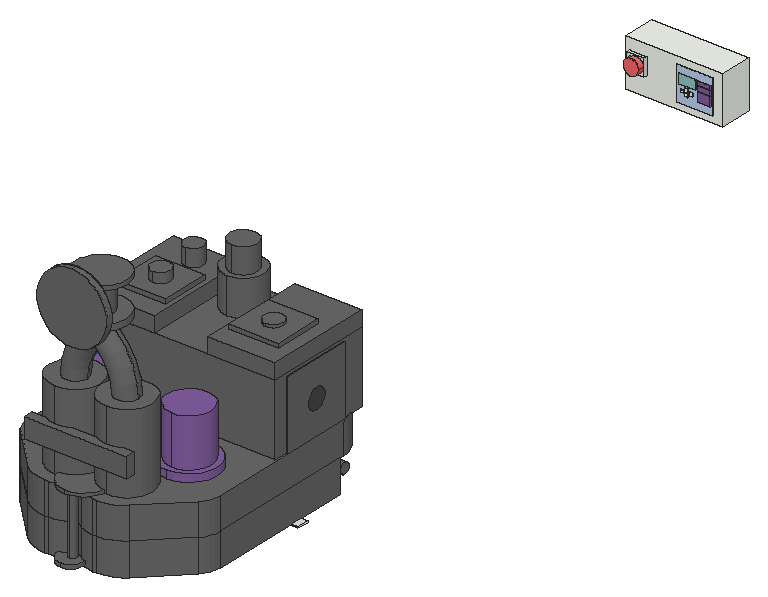
Revit family "11108", category Generic Models, Revit 2021
Family settings
  Can host rebar = No
  Round Connector Dimension = Use Diameter
  Part Type = Normal
  Work Plane-Based = No
  Always vertical = Yes
  Cut with Voids When Loaded = No
  Shared = Yes
  Room Calculation Point = No
Parameters (values of type "11108")
  SUPPLIER = "KESSEL"
  SA700ID49 = "Protection Class I"
  SA700ID48 = "no"
  SA700ID47 = "no"
  SA700ID46 = "yes"
  SA700ID37 = 16000 mm
  SA700ID34 = 47
  SA700ID33 = 3.2 W
  SA700ID32 = 188.86 kg
  SA700ID31 = 1
  SA700ID30 = 2
  SA700ID29 = "GLRD"
  SA700ID21 = 1600
  SA700ID10 = "yes"
  SA700ID08 = 400 V
  PROCUREWEBLINK = "https://p.caden.as/kessel/11108"
  PROCURELINK = "p.caden.as/kessel/11108"
  PROCUREDATALASTUPDATE = "2024-05-22T12:17:58.014823776+01:00"
  PREVIEW = "../../bilder/ksb_w_11108.png"
  PRC_SPECIFICATIONLINK = "https://ausschreiben.de/catalog/kessel/catalogItem/b42d7dfa-5a68-4996-9440-b0247f0b30e3"
  NN = "Lifting station Aqualift F XL"
  NBSYN = "$SA810ID03."
  NB = "11108"
  Model = "11108"
  Manufacturer = "KESSEL"
  MIdent = "{$CADENAS_DATA/23d-libs/kessel/kessel_vdi_import/4/entwaesserung/hebeanlage20aqualift20f20xl.prj},201 {STYP=ASS},{VTYP=3D},{NB=11108},{LINA=11108},{NN=Lifting station Aqualift F XL},{DATE=21.11.2022 10:48:11},{GEOMDATE=21.11.2022 10:48:11},{VERSION=},{LINEID=410},{WBVAR=LODLEVEL},{WBNUMERIC=LODLEVEL}  {NB=11108},{LINA=11108},{KT=DUMMY},{PREVIEW=../../bilder/ksb_w_11108.png},{SA700ID04=Hebeanlage Aqualift F XL 200 l, Duo, SPF 3000-S1, Gussschieber},{SA810ID06=04026092057759},{SA700ID34=47.00},{SA010ID03=201805},{SA810ID03=11108},{SA810ID10=Aqualift F XL 3000W-S1 Duo 200L m.S.G.KESSEL Aqualift F XL Hebeanlage für fäkalienhaltiges und fäkalienfreies Abwasser. Zur Aufstellung in frostgeschützten Räumen.Duoanlage mit zwei Pumpen des Typs SPF 3000-S1 Sammelbehälter aus Polyethylen, mit verschraubter Reinigungsöffnung, Anschlussstutzen für Zulauf von oben DN100/150.Inklusive Tauchrohr zur pneumatischen Niveauerfassung,Entlüftungsanschluss DN 70 und Anschluss für eine Handmembranpumpe DN 32.Behälter inklusive Haltewinkel zur Auftriebssicherung.Behältervolumen 200 Liter, max. Nutzvolumen bei Zulauf von oben ca. 120 Liter.Zwei seitliche und zwei rückseitige Anbohrflächen zur Montage weiterer Zuläufe bis DN 200 unter Verwendung von Durchgangsdichtungen.Inklusive KESSEL Schaltgerät Aqualift Comfort 400 V.Anwenderfreundliche Menüführung im mehrzeiligem Display. MitSelbstdiagnosesystem (SDS) und Erinnerungsfunktion für nächste Wartung.Anzeige der aktuellen Messwerte. Einfache Einstellung derfunktionsrelevanten Parameter, inklusive Betriebsstundenzähler und potentialfreiem Kontakt. Optionale Weiterleitung von Alarm- und Sammelstörmeldung über GSM Schnittstelle.Schaltgerät mit Volltextanzeige in sechs Sprachen.Abwasserpumpe(n) mit Freistromrad zur Förderung von fäkalienfreiem und fäkalienhaltigem Abwasser gemäß DIN EN 12050-1. Freier Kugeldurchgang mindestens 40 mm. Pumpe(n) überflutungssicher. Inklusive Rückflussverhinderer, mit Druckabgang aus Grauguss DN 80. nach DIN 2501.Inklusive einem Absperrschieber.Pumpe(n) Typ SPF 3000-S1Fördermenge: max. 47 m³/hFörderhöhe: max. 16 mNennleistung (P2): 2,7 KW je PumpeAufnahmeleistung (P1): 3,2 KW je PumpeBetriebsspannung: 400 V DSNennfrequenz: 50 HzNennstrom: 5,4 AAbsicherung: 3 x 16 A trägeSchutzart (Pumpe): IP68 3mWS/48hSchutzart (Schaltgerät): IP 65Bertiebsart: S1Kabellänge: 5 mAußenmaße Anlage mit 200 Liter Behälter (BxTxH): 760 x 980 x 770 mmGewicht ca. 188,86 kg},{SA700ID37=16.00},{SA700ID33=3.20},{SA700ID08=400},{SA700ID30=2},{SA700ID32=188.86},{SA700ID49=Schutzklasse I},{SA700ID50=intern},{SA200ID03=6},{SA250ID03=vertikal},{SA260ID03=Trockenläuferpumpe},{SA350ID03=normalansaugend},{SA400ID03=E-Motor für Drehstrom},{SA460ID03=direkt},{SA500ID03=Kunststoff, Edelstahl},{SA700ID06=80},{SA700ID07=100},{SA700ID09=3/N/PE 400V},{SA700ID10=Ja},{SA700ID11=50},{SA700ID12=IP 68},{SA700ID13=F},{SA700ID15=40},{SA700ID21=1600.00},{SA700ID22=2.70},{SA700ID23=2890},{SA700ID24=2890},{SA700ID26=5.40},{SA700ID27=41.00},{SA700ID28=durchgehend},{SA700ID29=GLRD},{SA700ID31=1},{SA700ID46=ja},{SA700ID47=nein},{SA700ID48=nein},{SA110ID04=Hebeanlage Aqualift F XL},{SA300ID03=einstufig},{SA700ID44=10.00},{SA700ID45=10.00},{SA010ID04=KESSEL AG},{LODLEVEL=200},{LINK=https://www.kessel.de/info?han=11108},{SA970ID01=970},{SA970ID02=7142},{SA970ID03=11108},{SA970ID04=11002617},{SA970ID05=QUAD},{SA970ID06=-409.97},{SA970ID07=-899.93},{SA970ID08=0},{SA970ID09=1},{SA970ID10=0},{SA970ID11=0},{SA970ID12=0},{SA970ID13=1},{SA970ID14=0},{SA970ID15=819.94},{SA970ID16=1029.85},{SA970ID17=1033.69},{LODLEVEL_=200,'Low'},{LODLEVEL_DEU=200,'Low'},{LINK_=https://www.kessel.de/info?han=11108},{LINK_DEU=https://www.kessel.de/info?han=11108},{LODLEVEL_3DB=11108_200},{DNIN1=100},{DNIN2=70},{DNIN4=10},{DNIN5=10},{DNIN6=50},{DNIN7=50},{DNIN8=50},{DNIN9=50},{DNOUT1=32},{DNOUT2=100},{DNOUT3=70},{ISD1=96},{ISD2=10},{ISDOUT1=40},{ISDOUT2=60},{ISDOUT3=65},{SA010ID01=010},{SA010ID02=4},{SA010ID06=www.kessel.de},{SA010ID07=www.kessel.de},{SA010ID12=20180713},{SA010ID13=DEU},{SA010ID14=DE},{SA100ID01=100},{SA100ID02=4},{SA100ID04=Entwässerung},{SA110ID01=110},{SA110ID02=6},{SA200ID01=200},{SA200ID02=6},{SA250ID01=250},{SA250ID02=2},{SA260ID01=260},{SA260ID02=2},{SA300ID01=300},{SA300ID02=1},{SA350ID01=350},{SA350ID02=1},{SA400ID01=400},{SA400ID02=2},{SA460ID01=460},{SA460ID02=1},{SA500ID01=500},{SA500ID02=1},{SA700ID01=700},{SA700ID02=76},{SA700ID10_=1},{SA700ID16=0},{SA700ID25=0},{SA700ID46_=1},{SA700ID47_=0},{SA700ID48_=0},{SA700ID49_=1},{SA700ID50_=2},{SA800ID01=800},{SA800ID02=40},{SA810ID01=810},{SA810ID02=76},{SA810ID04=11108},{SA810ID07=76},{SA810ID09=1},{SA810ID14=PCE},{SA810ID15=1},{SA810ID16=NMP},{SA960ID03=76},{SA960ID04=3L},{SA960ID08=https://www.kessel.de/info?han=11108},{SA010ID08=4026092000007},{SA100ID05=Hebeanlage},{SA110ID06=Hebeanlage}"
  LINK = "https://www.kessel.de/info?han=11108"
  LINA = "11108"
  Default Elevation = 0 mm
  CREATOR = "CADENAS GmbH"
  CATALOG = "KESSEL"
  BOMINFO = "LINA"
  ARTICLENO = "NB"
  4.810.00.9 Order quantity (multiplicator) = "1"
  4.810.00.7 Media- connection number = "76"
  4.810.00.6 GTIN number = "04026092057759"
  4.810.00.4 DATANORM number = "11108"
  4.810.00.3 Producer order number = "11108"
  4.710.03.7 Mass (net) = 188.86 kg
  4.710.03.6 Height = 1027 mm
  4.710.03.5 Width = 760 mm
  4.710.03.4 Length = 1109 mm
  4.710.03.3 Type of dimensions = "2"
  4.710.02.8 Area of application of wastewater pump = "1"
  4.710.02.6 Duty type = "S1"
  4.710.02.5 Cutting device = "0"
  4.710.02.4 Attached pump control = "1"
  4.710.02.3 Free passage = 40 mm
  4.710.01.6 Option to connect to building automation = "40"
  4.710.01.5 Load regulation = "0"
  4.710.01.4 Designation of closed-loop control = "120"
  4.710.01.3 Identifier for closed-loop control = "200"
  4.700.00.9 Voltage = 0
  4.700.00.8 Nominal connection size on suction side = "100"
  4.700.00.7 Nominal connection size on pressure side = "100"
  4.700.00.6 Type of connection = "80"
  4.700.00.4 Product indentification = "Hebeanlage Aqualift F XL 200 l, Duo, SPF 3000-S1, Gussschieber"
  4.700.00.28 Motor pump shaft = "durchgehend"
  4.700.00.27 Starting current = 41
  4.700.00.26 Maximum power consumption per pump / drive = 5.4
  4.700.00.25 Minimum speed at internal speed adjustment = 0
  4.700.00.24 Nominal speed / maximum speed n = 48.1667
  4.700.00.23 Nominal speed of motor = 48.1667
  4.700.00.22 Maximum shaft output (P2) per pump/drive = 2.7 W
  4.700.00.16 Maximum temperature of pumped medium = 0 °C
  4.700.00.15 Increased safety class = "40 °C"
  4.700.00.13 Type of protection = "F"
  4.700.00.12 Frequency = 0
  4.700.00.11 Stern-/Dreieck-Anlaufschaltung bei Dreiphasenanschluss oder Drehstrom = "50 Hz"
  4.700.00.10 Phase = "1"
  4.500.00.3 Variant / Variant type / Accessories-name = "Kunststoff, Edelstahl"
  4.460.00.3 Variant / Variant type / Accessories-name = "direkt"
  4.400.00.3 Variant / Variant type / Accessories-name = "E-Motor für Drehstrom"
  4.350.00.3 Variant / Variant type / Accessories-name = "normalansaugend"
  4.300.00.3 Variant / Variant type / Accessories-name = "einstufig"
  4.260.00.3 Variant / Variant type / Accessories-name = "Trockenläuferpumpe"
  4.250.00.3 Variant / Variant type / Accessories-name = "vertikal"
  4.200.00.3 Variant / Variant type / Accessories-name = "6"
  4.110.00.6 Product classification = "Hebeanlage"
  4.110.00.4 Product indentification = "Hebeanlage Aqualift F XL"
  4.100.00.5 Main groups of wares = "Hebeanlage"
  4.100.00.4 Product indentification = "Entwässerung"
  4.010.00.8 Producer ID number = "4026092000007"
  4.010.00.7 Comment = "www.kessel.de"
  4.010.00.6 Web address of the manufacturer = "www.kessel.de"
  4.010.00.4 Manufacturer name = "KESSEL AG"
  4.010.00.3 Date of issuance (month) of guideline = "201805"
  4.010.00.2 Sheet number of the guideline = "4"
  4.010.00.14 Kennungen der Projektländer, für die die Datei gültig ist = "DE"
  4.010.00.13 Sprache der Datei = "DEU"
  4.010.00.12 Stand des Herstellerkatalogs = "20180713"
Reference planes
  plane 1 "Center (Front/Back)": y = 0
  plane 2: z = 0
  plane 3 "Center (Left/Right)": x = 0
Forms (mm)
  Extrusion 1, void
    sketch origin (380.5, -115, 392) x (0, -1, 0) y (0, 0, 1)
      loop
        line (-0.5, -0.5) -> (0.5, -0.5) -> (0.5, 0.5) -> (-0.5, 0.5) -> (-0.5, -0.5)
    from 0 to 1
  Extrusion 2, void
    sketch origin (160.15, 130.5, 392) x (1, 0, 0) y (0, 0, 1)
      loop
        line (-0.5, -0.5) -> (0.5, -0.5) -> (0.5, 0.5) -> (-0.5, 0.5) -> (-0.5, -0.5)
    from 0 to 1
  Extrusion 3, void
    sketch origin (-161, 130.5, 392) x (1, 0, 0) y (0, 0, 1)
      loop
        line (-0.5, -0.5) -> (0.5, -0.5) -> (0.5, 0.5) -> (-0.5, 0.5) -> (-0.5, -0.5)
    from 0 to 1
  Extrusion 4, void
    sketch origin (-380.5, -115, 392) x (0, 1, 0) y (0, 0, 1)
      loop
        line (-0.5, -0.5) -> (0.5, -0.5) -> (0.5, 0.5) -> (-0.5, 0.5) -> (-0.5, -0.5)
    from 0 to 1
Dimensions and locks
  locked: plane 2 to Extrusion 1 at 392.5
  locked: plane 2 to Extrusion 1 at 391.5
  locked: plane 2 to Extrusion 2 at 392.5
  locked: plane 2 to Extrusion 2 at 391.5
  locked: plane 2 to Extrusion 3 at 392.5
  locked: plane 2 to Extrusion 3 at 391.5
  locked: plane 2 to Extrusion 4 at 392.5
  locked: plane 2 to Extrusion 4 at 391.5
  aligned and locked: level to plane 2
Nested families
  nested 1: "11108_content" at (0, 0, 0), type "11108_Content"
  nested 2: "11108_part1_X0Y0" at (1000, 1000, 1200), type "11108_PART1_X0Y0"
  nested 3: "11108_part2_X0Y0" at (0, 0, 0), type "11108_PART2_X0Y0"
Connectors
  electrical at (861, 933, 1201.5)
    settings: on nested 2, index 1, voltage 0 V, apparent load 0 VA, apparent load phase1 0 VA, apparent load phase2 0 VA, apparent load phase3 0 VA, power factor 1, load classification "Other", number of poles 1, system type 31, power factor state 1, is connector primary yes, connector utility no, sub classification motor no, connector description ""
  piping at (0, 0, 771), diameter 100
    settings: on nested 3, index 2, connector inside diameter 609.6 mm, connector length 0 mm, flow factor 0, pipe flow 0.0 L/s, pressure drop 0.0 Pa, fitting loss kfactor 0, connector angle 0.00°, fixture units 0, engagement length 0 mm, angle of deflection 0.00°, flow configuration 0, flow direction 1, fitting loss method 2, system type 8, joint type 0, gender type 0, connector reference index -1, connector utility 0, adjustable connector no, is connector primary yes, connector description ""
  piping at (380.5, -115, 392), diameter 70
    settings: on Extrusion 1, index 3, connector inside diameter 609.6 mm, connector length 0 mm, flow factor 0, pipe flow 0.0 L/s, pressure drop 0.0 Pa, fitting loss kfactor 0, connector angle 0.00°, fixture units 0, engagement length 0 mm, angle of deflection 0.00°, flow configuration 0, flow direction 0, fitting loss method 2, system type 8, joint type 0, gender type 0, connector reference index -1, connector utility 0, adjustable connector no, is connector primary no, connector description ""
  piping at (160.15, 130.5, 392), diameter 70
    settings: on Extrusion 2, index 4, connector inside diameter 609.6 mm, connector length 0 mm, flow factor 0, pipe flow 0.0 L/s, pressure drop 0.0 Pa, fitting loss kfactor 0, connector angle 0.00°, fixture units 0, engagement length 0 mm, angle of deflection 0.00°, flow configuration 0, flow direction 0, fitting loss method 2, system type 8, joint type 0, gender type 0, connector reference index -1, connector utility 0, adjustable connector no, is connector primary no, connector description ""
  piping at (-161, 130.5, 392), diameter 70
    settings: on Extrusion 3, index 5, connector inside diameter 609.6 mm, connector length 0 mm, flow factor 0, pipe flow 0.0 L/s, pressure drop 0.0 Pa, fitting loss kfactor 0, connector angle 0.00°, fixture units 0, engagement length 0 mm, angle of deflection 0.00°, flow configuration 0, flow direction 0, fitting loss method 2, system type 8, joint type 0, gender type 0, connector reference index -1, connector utility 0, adjustable connector no, is connector primary no, connector description ""
  piping at (-380.5, -115, 392), diameter 70
    settings: on Extrusion 4, index 6, connector inside diameter 609.6 mm, connector length 0 mm, flow factor 0, pipe flow 0.0 L/s, pressure drop 0.0 Pa, fitting loss kfactor 0, connector angle 0.00°, fixture units 0, engagement length 0 mm, angle of deflection 0.00°, flow configuration 0, flow direction 0, fitting loss method 2, system type 8, joint type 0, gender type 0, connector reference index -1, connector utility 0, adjustable connector no, is connector primary no, connector description ""
  piping at (0, -700, 966), diameter 100
    settings: on nested 3, index 7, connector inside diameter 609.6 mm, connector length 0 mm, flow factor 0, pipe flow 0.0 L/s, pressure drop 0.0 Pa, fitting loss kfactor 0, connector angle 0.00°, fixture units 0, engagement length 0 mm, angle of deflection 0.00°, flow configuration 0, flow direction 2, fitting loss method 2, system type 7, joint type 0, gender type 0, connector reference index -1, connector utility 0, adjustable connector no, is connector primary no, connector description ""
  piping at (-225, 36, 661), diameter 70
    settings: on nested 3, index 8, connector inside diameter 609.6 mm, connector length 0 mm, flow factor 0, pipe flow 0.0 L/s, pressure drop 0.0 Pa, fitting loss kfactor 0, connector angle 0.00°, fixture units 0, engagement length 0 mm, angle of deflection 0.00°, flow configuration 0, flow direction 2, fitting loss method 2, system type 7, joint type 0, gender type 0, connector reference index -1, connector utility 0, adjustable connector no, is connector primary no, connector description ""
  piping at (354.5, 56, 60), diameter 32
    settings: on nested 3, index 9, connector inside diameter 609.6 mm, connector length 0 mm, flow factor 0, pipe flow 0.0 L/s, pressure drop 0.0 Pa, fitting loss kfactor 0, connector angle 0.00°, fixture units 0, engagement length 0 mm, angle of deflection 0.00°, flow configuration 0, flow direction 2, fitting loss method 2, system type 7, joint type 0, gender type 0, connector reference index -1, connector utility 0, adjustable connector no, is connector primary no, connector description ""
  electrical at (185, -497, 477)
    settings: on nested 3, index 10, voltage 0 V, apparent load 0 VA, apparent load phase1 0 VA, apparent load phase2 0 VA, apparent load phase3 0 VA, power factor 1, load classification "Other", number of poles 1, system type 31, power factor state 1, is connector primary no, connector utility no, sub classification motor no, connector description ""
  electrical at (-185, -496.75, 477)
    settings: on nested 3, index 11, voltage 0 V, apparent load 0 VA, apparent load phase1 0 VA, apparent load phase2 0 VA, apparent load phase3 0 VA, power factor 1, load classification "Other", number of poles 1, system type 31, power factor state 1, is connector primary no, connector utility no, sub classification motor no, connector description ""
  electrical at (-222.5, -129, 650)
    settings: on nested 3, index 12, voltage 0 V, apparent load 0 VA, apparent load phase1 0 VA, apparent load phase2 0 VA, apparent load phase3 0 VA, power factor 1, load classification "Other", number of poles 1, system type 31, power factor state 1, is connector primary no, connector utility no, sub classification motor no, connector description ""
Definition of nested family "11108_part1_X0Y0"
  Parameters (values of type "11108_PART1_X0Y0")
    SUPPLIER = "KESSEL"
    SA700ID49 = "Protection Class I"
    SA700ID48 = "no"
    SA700ID47 = "no"
    SA700ID46 = "yes"
    SA700ID37 = 16000 mm
    SA700ID34 = 47
    SA700ID33 = 3.2 W
    SA700ID32 = 188.86 kg
    SA700ID31 = 1
    SA700ID30 = 2
    SA700ID29 = "GLRD"
    SA700ID21 = 1600
    SA700ID10 = "yes"
    SA700ID08 = 400 V
    PREVIEW = "../../bilder/ksb_w_11108.png"
    NBSYN = "$SA810ID03._PART1"
    NB = "11108_PART1"
    Model = "11108_PART1"
    Manufacturer = "KESSEL"
    MIdent = "{$CADENAS_DATA/23d-libs/kessel/kessel_vdi_import/4/entwaesserung/hebeanlage20aqualift20f20xl.prj},221 {VTYP=3D},{NB=11108_PART1},{LINA=11108_PART1},{NN=Lifting station Aqualift F XL_PART1},{NOPRJ=TRUE},{DATE=21.11.2022 10:48:11},{GEOMDATE=21.11.2022 10:48:11},{VERSION=},{LINEID=410},{WBVAR=LODLEVEL},{WBNUMERIC=LODLEVEL}  {NB=11108_PART1},{LINA=11108_PART1},{KT=DUMMY},{PREVIEW=../../bilder/ksb_w_11108.png},{SA700ID04=Hebeanlage Aqualift F XL 200 l, Duo, SPF 3000-S1, Gussschieber},{SA810ID06=04026092057759},{SA700ID34=47.00},{SA010ID03=201805},{SA810ID03=11108},{SA810ID10=Aqualift F XL 3000W-S1 Duo 200L m.S.G.KESSEL Aqualift F XL Hebeanlage für fäkalienhaltiges und fäkalienfreies Abwasser. Zur Aufstellung in frostgeschützten Räumen.Duoanlage mit zwei Pumpen des Typs SPF 3000-S1 Sammelbehälter aus Polyethylen, mit verschraubter Reinigungsöffnung, Anschlussstutzen für Zulauf von oben DN100/150.Inklusive Tauchrohr zur pneumatischen Niveauerfassung,Entlüftungsanschluss DN 70 und Anschluss für eine Handmembranpumpe DN 32.Behälter inklusive Haltewinkel zur Auftriebssicherung.Behältervolumen 200 Liter, max. Nutzvolumen bei Zulauf von oben ca. 120 Liter.Zwei seitliche und zwei rückseitige Anbohrflächen zur Montage weiterer Zuläufe bis DN 200 unter Verwendung von Durchgangsdichtungen.Inklusive KESSEL Schaltgerät Aqualift Comfort 400 V.Anwenderfreundliche Menüführung im mehrzeiligem Display. MitSelbstdiagnosesystem (SDS) und Erinnerungsfunktion für nächste Wartung.Anzeige der aktuellen Messwerte. Einfache Einstellung derfunktionsrelevanten Parameter, inklusive Betriebsstundenzähler und potentialfreiem Kontakt. Optionale Weiterleitung von Alarm- und Sammelstörmeldung über GSM Schnittstelle.Schaltgerät mit Volltextanzeige in sechs Sprachen.Abwasserpumpe(n) mit Freistromrad zur Förderung von fäkalienfreiem und fäkalienhaltigem Abwasser gemäß DIN EN 12050-1. Freier Kugeldurchgang mindestens 40 mm. Pumpe(n) überflutungssicher. Inklusive Rückflussverhinderer, mit Druckabgang aus Grauguss DN 80. nach DIN 2501.Inklusive einem Absperrschieber.Pumpe(n) Typ SPF 3000-S1Fördermenge: max. 47 m³/hFörderhöhe: max. 16 mNennleistung (P2): 2,7 KW je PumpeAufnahmeleistung (P1): 3,2 KW je PumpeBetriebsspannung: 400 V DSNennfrequenz: 50 HzNennstrom: 5,4 AAbsicherung: 3 x 16 A trägeSchutzart (Pumpe): IP68 3mWS/48hSchutzart (Schaltgerät): IP 65Bertiebsart: S1Kabellänge: 5 mAußenmaße Anlage mit 200 Liter Behälter (BxTxH): 760 x 980 x 770 mmGewicht ca. 188,86 kg},{SA700ID37=16.00},{SA700ID33=3.20},{SA700ID08=400},{SA700ID30=2},{SA700ID32=188.86},{SA700ID49=Schutzklasse I},{SA700ID50=intern},{SA200ID03=6},{SA250ID03=vertikal},{SA260ID03=Trockenläuferpumpe},{SA350ID03=normalansaugend},{SA400ID03=E-Motor für Drehstrom},{SA460ID03=direkt},{SA500ID03=Kunststoff, Edelstahl},{SA700ID06=80},{SA700ID07=100},{SA700ID09=3/N/PE 400V},{SA700ID10=Ja},{SA700ID11=50},{SA700ID12=IP 68},{SA700ID13=F},{SA700ID15=40},{SA700ID21=1600.00},{SA700ID22=2.70},{SA700ID23=2890},{SA700ID24=2890},{SA700ID26=5.40},{SA700ID27=41.00},{SA700ID28=durchgehend},{SA700ID29=GLRD},{SA700ID31=1},{SA700ID46=ja},{SA700ID47=nein},{SA700ID48=nein},{SA110ID04=Hebeanlage Aqualift F XL},{SA300ID03=einstufig},{SA700ID44=10.00},{SA700ID45=10.00},{SA010ID04=KESSEL AG},{LODLEVEL=200},{LINK=https://www.kessel.de/info?han=11108},{SA970ID01=970},{SA970ID02=7142},{SA970ID03=11108},{SA970ID04=11002617},{SA970ID05=QUAD},{SA970ID06=-409.97},{SA970ID07=-899.93},{SA970ID08=0},{SA970ID09=1},{SA970ID10=0},{SA970ID11=0},{SA970ID12=0},{SA970ID13=1},{SA970ID14=0},{SA970ID15=819.94},{SA970ID16=1029.85},{SA970ID17=1033.69},{LODLEVEL_=200,'Low'},{LODLEVEL_DEU=200,'Low'},{LINK_=https://www.kessel.de/info?han=11108},{LINK_DEU=https://www.kessel.de/info?han=11108},{LODLEVEL_3DB=11108_200},{DNIN1=100},{DNIN2=70},{DNIN4=10},{DNIN5=10},{DNIN6=50},{DNIN7=50},{DNIN8=50},{DNIN9=50},{DNOUT1=32},{DNOUT2=100},{DNOUT3=70},{ISD1=96},{ISD2=10},{ISDOUT1=40},{ISDOUT2=60},{ISDOUT3=65},{SA010ID01=010},{SA010ID02=4},{SA010ID06=www.kessel.de},{SA010ID07=www.kessel.de},{SA010ID12=20180713},{SA010ID13=DEU},{SA010ID14=DE},{SA100ID01=100},{SA100ID02=4},{SA100ID04=Entwässerung},{SA110ID01=110},{SA110ID02=6},{SA200ID01=200},{SA200ID02=6},{SA250ID01=250},{SA250ID02=2},{SA260ID01=260},{SA260ID02=2},{SA300ID01=300},{SA300ID02=1},{SA350ID01=350},{SA350ID02=1},{SA400ID01=400},{SA400ID02=2},{SA460ID01=460},{SA460ID02=1},{SA500ID01=500},{SA500ID02=1},{SA700ID01=700},{SA700ID02=76},{SA700ID10_=1},{SA700ID16=0},{SA700ID25=0},{SA700ID46_=1},{SA700ID47_=0},{SA700ID48_=0},{SA700ID49_=1},{SA700ID50_=2},{SA800ID01=800},{SA800ID02=40},{SA810ID01=810},{SA810ID02=76},{SA810ID04=11108},{SA810ID07=76},{SA810ID09=1},{SA810ID14=PCE},{SA810ID15=1},{SA810ID16=NMP},{SA960ID03=76},{SA960ID04=3L},{SA960ID08=https://www.kessel.de/info?han=11108},{SA010ID08=4026092000007},{SA100ID05=Hebeanlage},{SA110ID06=Hebeanlage}"
    LINK = "https://www.kessel.de/info?han=11108"
    LINA = "11108_PART1"
    Default Elevation = 1219.2 mm
    CREATOR = "CADENAS GmbH"
    CATALOG = "KESSEL"
    BOMINFO = "LINA"
    ARTICLENO = "NB"
    4.810.00.9 Order quantity (multiplicator) = "1"
    4.810.00.7 Media- connection number = "76"
    4.810.00.6 GTIN number = "04026092057759"
    4.810.00.4 DATANORM number = "11108"
    4.810.00.3 Producer order number = "11108"
    4.710.03.7 Mass (net) = 188.86 kg
    4.710.03.6 Height = 1027 mm
    4.710.03.5 Width = 760 mm
    4.710.03.4 Length = 1109 mm
    4.710.03.3 Type of dimensions = "2"
    4.710.02.8 Area of application of wastewater pump = "1"
    4.710.02.6 Duty type = "S1"
    4.710.02.5 Cutting device = "0"
    4.710.02.4 Attached pump control = "1"
    4.710.02.3 Free passage = 40 mm
    4.710.01.6 Option to connect to building automation = "40"
    4.710.01.5 Load regulation = "0"
    4.710.01.4 Designation of closed-loop control = "120"
    4.710.01.3 Identifier for closed-loop control = "200"
    4.700.00.9 Voltage = 0
    4.700.00.8 Nominal connection size on suction side = "100"
    4.700.00.7 Nominal connection size on pressure side = "100"
    4.700.00.6 Type of connection = "80"
    4.700.00.4 Product indentification = "Hebeanlage Aqualift F XL 200 l, Duo, SPF 3000-S1, Gussschieber"
    4.700.00.28 Motor pump shaft = "durchgehend"
    4.700.00.27 Starting current = 41
    4.700.00.26 Maximum power consumption per pump / drive = 5.4
    4.700.00.25 Minimum speed at internal speed adjustment = 0
    4.700.00.24 Nominal speed / maximum speed n = 48.1667
    4.700.00.23 Nominal speed of motor = 48.1667
    4.700.00.22 Maximum shaft output (P2) per pump/drive = 2.7 W
    4.700.00.16 Maximum temperature of pumped medium = 0 °C
    4.700.00.15 Increased safety class = "40 °C"
    4.700.00.13 Type of protection = "F"
    4.700.00.12 Frequency = 0
    4.700.00.11 Stern-/Dreieck-Anlaufschaltung bei Dreiphasenanschluss oder Drehstrom = "50 Hz"
    4.700.00.10 Phase = "1"
    4.500.00.3 Variant / Variant type / Accessories-name = "Kunststoff, Edelstahl"
    4.460.00.3 Variant / Variant type / Accessories-name = "direkt"
    4.400.00.3 Variant / Variant type / Accessories-name = "E-Motor für Drehstrom"
    4.350.00.3 Variant / Variant type / Accessories-name = "normalansaugend"
    4.300.00.3 Variant / Variant type / Accessories-name = "einstufig"
    4.260.00.3 Variant / Variant type / Accessories-name = "Trockenläuferpumpe"
    4.250.00.3 Variant / Variant type / Accessories-name = "vertikal"
    4.200.00.3 Variant / Variant type / Accessories-name = "6"
    4.110.00.6 Product classification = "Hebeanlage"
    4.110.00.4 Product indentification = "Hebeanlage Aqualift F XL"
    4.100.00.5 Main groups of wares = "Hebeanlage"
    4.100.00.4 Product indentification = "Entwässerung"
    4.010.00.8 Producer ID number = "4026092000007"
    4.010.00.7 Comment = "www.kessel.de"
    4.010.00.6 Web address of the manufacturer = "www.kessel.de"
    4.010.00.4 Manufacturer name = "KESSEL AG"
    4.010.00.3 Date of issuance (month) of guideline = "201805"
    4.010.00.2 Sheet number of the guideline = "4"
    4.010.00.14 Kennungen der Projektländer, für die die Datei gültig ist = "DE"
    4.010.00.13 Sprache der Datei = "DEU"
    4.010.00.12 Stand des Herstellerkatalogs = "20180713"
  Reference planes
    plane 1 "Center (Front/Back)": y = 0
    plane 2: z = 0
    plane 3 "Center (Left/Right)": x = 0
  Dimensions and locks
    aligned and locked: level to plane 2
  Nested families
    nested 1: "11108_part1_content" at (0, 0, 0), type "11108_PART1_Content"
  Definition of nested family "11108_part1_content"
    Parameters (values of type "11108_PART1_Content")
      SUPPLIER = "KESSEL"
      SA700ID49 = "Protection Class I"
      SA700ID48 = "no"
      SA700ID47 = "no"
      SA700ID46 = "yes"
      SA700ID37 = 16000 mm
      SA700ID34 = 47
      SA700ID33 = 3.2 W
      SA700ID32 = 188.86 kg
      SA700ID31 = 1
      SA700ID30 = 2
      SA700ID29 = "GLRD"
      SA700ID21 = 1600
      SA700ID10 = "yes"
      SA700ID08 = 400 V
      PREVIEW = "../../bilder/ksb_w_11108.png"
      NBSYN = "$SA810ID03._PART1"
      NB = "11108_PART1"
      Model = "11108_PART1"
      Manufacturer = "KESSEL"
      LINK = "https://www.kessel.de/info?han=11108"
      LINA = "11108_PART1"
      Default Elevation = 1219.2 mm
      CREATOR = "CADENAS GmbH"
      CATALOG = "KESSEL"
      BOMINFO = "LINA"
      ARTICLENO = "NB"
      4.810.00.9 Order quantity (multiplicator) = "1"
      4.810.00.7 Media- connection number = "76"
      4.810.00.6 GTIN number = "04026092057759"
      4.810.00.4 DATANORM number = "11108"
      4.810.00.3 Producer order number = "11108"
      4.710.03.7 Mass (net) = 188.86 kg
      4.710.03.6 Height = 1027 mm
      4.710.03.5 Width = 760 mm
      4.710.03.4 Length = 1109 mm
      4.710.03.3 Type of dimensions = "2"
      4.710.02.8 Area of application of wastewater pump = "1"
      4.710.02.6 Duty type = "S1"
      4.710.02.5 Cutting device = "0"
      4.710.02.4 Attached pump control = "1"
      4.710.02.3 Free passage = 40 mm
      4.710.01.6 Option to connect to building automation = "40"
      4.710.01.5 Load regulation = "0"
      4.710.01.4 Designation of closed-loop control = "120"
      4.710.01.3 Identifier for closed-loop control = "200"
      4.700.00.9 Voltage = 0
      4.700.00.8 Nominal connection size on suction side = "100"
      4.700.00.7 Nominal connection size on pressure side = "100"
      4.700.00.6 Type of connection = "80"
      4.700.00.4 Product indentification = "Hebeanlage Aqualift F XL 200 l, Duo, SPF 3000-S1, Gussschieber"
      4.700.00.28 Motor pump shaft = "durchgehend"
      4.700.00.27 Starting current = 41
      4.700.00.26 Maximum power consumption per pump / drive = 5.4
      4.700.00.25 Minimum speed at internal speed adjustment = 0
      4.700.00.24 Nominal speed / maximum speed n = 48.1667
      4.700.00.23 Nominal speed of motor = 48.1667
      4.700.00.22 Maximum shaft output (P2) per pump/drive = 2.7 W
      4.700.00.16 Maximum temperature of pumped medium = 0 °C
      4.700.00.15 Increased safety class = "40 °C"
      4.700.00.13 Type of protection = "F"
      4.700.00.12 Frequency = 0
      4.700.00.11 Stern-/Dreieck-Anlaufschaltung bei Dreiphasenanschluss oder Drehstrom = "50 Hz"
      4.700.00.10 Phase = "1"
      4.500.00.3 Variant / Variant type / Accessories-name = "Kunststoff, Edelstahl"
      4.460.00.3 Variant / Variant type / Accessories-name = "direkt"
      4.400.00.3 Variant / Variant type / Accessories-name = "E-Motor für Drehstrom"
      4.350.00.3 Variant / Variant type / Accessories-name = "normalansaugend"
      4.300.00.3 Variant / Variant type / Accessories-name = "einstufig"
      4.260.00.3 Variant / Variant type / Accessories-name = "Trockenläuferpumpe"
      4.250.00.3 Variant / Variant type / Accessories-name = "vertikal"
      4.200.00.3 Variant / Variant type / Accessories-name = "6"
      4.110.00.6 Product classification = "Hebeanlage"
      4.110.00.4 Product indentification = "Hebeanlage Aqualift F XL"
      4.100.00.5 Main groups of wares = "Hebeanlage"
      4.100.00.4 Product indentification = "Entwässerung"
      4.010.00.8 Producer ID number = "4026092000007"
      4.010.00.7 Comment = "www.kessel.de"
      4.010.00.6 Web address of the manufacturer = "www.kessel.de"
      4.010.00.4 Manufacturer name = "KESSEL AG"
      4.010.00.3 Date of issuance (month) of guideline = "201805"
      4.010.00.2 Sheet number of the guideline = "4"
      4.010.00.14 Kennungen der Projektländer, für die die Datei gültig ist = "DE"
      4.010.00.13 Sprache der Datei = "DEU"
      4.010.00.12 Stand des Herstellerkatalogs = "20180713"
    Reference planes
      plane 1 "Center (Front/Back)": y = 0
      plane 2: z = 0
      plane 3 "Center (Left/Right)": x = 0
    Forms (mm)
      Extrusion 1, solid, detail levels medium+fine
        sketch origin (189.25, -1.75, 0.2) x (0, -1, 0) y (0, 0, 1)
          loop
            line (0, 187.8) -> (0, 0) -> (127.75, 0) -> (127.75, 187.8) -> (0, 187.8)
        from 0 to 378.5
      Extrusion 2, solid, detail levels medium+fine
        sketch origin (-4, -67, 0) x (0, 1, 0) y (-1, 0, 0)
          loop
            circle (0, 0) r 12.5
        from 0 to 1.5
      Extrusion 3, solid, detail levels medium+fine
        sketch origin (150.8, -129.5, 26.5) x (0, -1, 0) y (0, 0, 1)
          loop
            line (-1.2, 134.8) -> (-1.2, 0) -> (0.25, 0) -> (0.25, 134.8) -> (-1.2, 134.8)
        from 0 to 139.9
      Extrusion 4, solid, detail levels medium+fine
        sketch origin (72.55, -129.75, 66) x (0, -1, 0) y (0, 0, 1)
          loop
            line (-1, 12) -> (-1, 0) -> (0.5, 0) -> (0.5, 12) -> (-1, 12)
        from 0 to 12
      Extrusion 5, solid, detail levels medium+fine
        sketch origin (84.45, -129.75, 93.4) x (0, -1, 0) y (0, 0, 1)
          loop
            line (-1, 37) -> (-1, 0) -> (0.5, 0) -> (0.5, 37) -> (-1, 37)
        from 0 to 66
      Extrusion 6, solid, detail levels medium+fine
        sketch origin (55.3, -129.75, 74) x (0, -1, 0) y (0, 0, 1)
          loop
            line (-1, 12) -> (-1, 0) -> (0.5, 0) -> (0.5, 12) -> (-1, 12)
        from 0 to 12
      Extrusion 7, solid, detail levels medium+fine
        sketch origin (143.3, -129.75, 94.4) x (0, -1, 0) y (0, 0, 1)
          loop
            line (0, 16) -> (0, 0) -> (1.75, 0) -> (1.75, 16) -> (0, 16)
        from 0 to 51
      Extrusion 8, solid, detail levels medium+fine
        sketch origin (143.3, -129.75, 54.4) x (0, -1, 0) y (0, 0, 1)
          loop
            line (0, 36) -> (0, 0) -> (1.75, 0) -> (1.75, 36) -> (0, 36)
        from 0 to 51
      Extrusion 9, solid, detail levels medium+fine
        sketch origin (55.3, -129.75, 57.5) x (0, -1, 0) y (0, 0, 1)
          loop
            line (-1, 12) -> (-1, 0) -> (0.5, 0) -> (0.5, 12) -> (-1, 12)
        from 0 to 12
      Extrusion 10, solid, detail levels medium+fine
        sketch origin (143.3, -129.75, 114.4) x (0, -1, 0) y (0, 0, 1)
          loop
            line (0, 16) -> (0, 0) -> (1.75, 0) -> (1.75, 16) -> (0, 16)
        from 0 to 51
      Extrusion 11, solid, detail levels medium+fine
        sketch origin (38.05, -129.75, 66) x (0, -1, 0) y (0, 0, 1)
          loop
            line (-1, 12) -> (-1, 0) -> (0.5, 0) -> (0.5, 12) -> (-1, 12)
        from 0 to 12
      Extrusion 12, solid, detail levels medium+fine
        sketch origin (47, -72, 0) x (0, 1, 0) y (-1, 0, 0)
          loop
            circle (0, 0) r 8
        from 0 to 1.5
      Extrusion 13, solid, detail levels medium+fine
        sketch origin (47, -42, 0) x (0, 1, 0) y (-1, 0, 0)
          loop
            circle (0, 0) r 5.25
        from 0 to 1.5
      Extrusion 14, solid, detail levels medium+fine
        sketch origin (77, -72, 0) x (0, 1, 0) y (-1, 0, 0)
          loop
            circle (0, 0) r 8
        from 0 to 1.5
      Extrusion 15, solid, detail levels medium+fine
        sketch origin (-94, -67, 0) x (0, 1, 0) y (-1, 0, 0)
          loop
            circle (0, 0) r 12.5
        from 0 to 1.5
      Extrusion 16, solid, detail levels medium+fine
        sketch origin (92, -42, 0) x (0, 1, 0) y (-1, 0, 0)
          loop
            circle (0, 0) r 8
        from 0 to 1.5
      Extrusion 17, solid, detail levels medium+fine
        sketch origin (107, -72, 0) x (0, 1, 0) y (-1, 0, 0)
          loop
            circle (0, 0) r 8
        from 0 to 1.5
      Extrusion 18, solid, detail levels medium+fine
        sketch origin (122, -42, 0) x (0, 1, 0) y (-1, 0, 0)
          loop
            circle (0, 0) r 8
        from 0 to 1.5
      Extrusion 19, solid, detail levels medium+fine
        sketch origin (-107.7, -129.5, 76.9) x (0, -1, 0) y (0, 0, 1)
          loop
            line (0, 67) -> (0, 0) -> (14, 0) -> (14, 67) -> (0, 67)
        from 0 to 67
      Extrusion 20, solid, detail levels medium+fine
        sketch origin (-141.2, -143.5, 110.4) x (1, 0, 0) y (0, 0, 1)
          loop
            circle (0, 0) r 30
        from 0 to 22
      Extrusion 21, solid, detail levels medium+fine
        sketch origin (127, -15, 0) x (0, 1, 0) y (-1, 0, 0)
          loop
            circle (0, 0) r 6
        from 0 to 1.5
      Extrusion 22, solid, detail levels medium+fine
        sketch origin (137, -72, 0) x (0, 1, 0) y (-1, 0, 0)
          loop
            circle (0, 0) r 8
        from 0 to 1.5
      Extrusion 23, solid, detail levels medium+fine
        sketch origin (-139, -67, 0) x (0, 1, 0) y (-1, 0, 0)
          loop
            circle (0, 0) r 12.5
        from 0 to 1.5
      Extrusion 24, solid, detail levels medium+fine
        sketch origin (152, -42, 0) x (0, 1, 0) y (-1, 0, 0)
          loop
            circle (0, 0) r 8
        from 0 to 1.5
      Extrusion 25, solid, detail levels coarse
        sketch origin (0, -83.625, 0) x (1, 0, 0) y (0, 1, 0)
          loop
            line (-189.25, -81.875) -> (189.25, -81.875) -> (189.25, 81.875) -> (-189.25, 81.875) -> (-189.25, -81.875)
        from 0 to 188
    Dimensions and locks
      aligned and locked: level to plane 2
Definition of nested family "11108_part2_X0Y0"
  Parameters (values of type "11108_PART2_X0Y0")
    SUPPLIER = "KESSEL"
    SA700ID49 = "Protection Class I"
    SA700ID48 = "no"
    SA700ID47 = "no"
    SA700ID46 = "yes"
    SA700ID37 = 16000 mm
    SA700ID34 = 47
    SA700ID33 = 3.2 W
    SA700ID32 = 188.86 kg
    SA700ID31 = 1
    SA700ID30 = 2
    SA700ID29 = "GLRD"
    SA700ID21 = 1600
    SA700ID10 = "yes"
    SA700ID08 = 400 V
    PREVIEW = "../../bilder/ksb_w_11108.png"
    NBSYN = "$SA810ID03._PART2"
    NB = "11108_PART2"
    Model = "11108_PART2"
    Manufacturer = "KESSEL"
    MIdent = "{$CADENAS_DATA/23d-libs/kessel/kessel_vdi_import/4/entwaesserung/hebeanlage20aqualift20f20xl.prj},221 {VTYP=3D},{NB=11108_PART2},{LINA=11108_PART2},{NN=Lifting station Aqualift F XL_PART2},{NOPRJ=TRUE},{DATE=21.11.2022 10:48:11},{GEOMDATE=21.11.2022 10:48:11},{VERSION=},{LINEID=410},{WBVAR=LODLEVEL},{WBNUMERIC=LODLEVEL}  {NB=11108_PART2},{LINA=11108_PART2},{KT=DUMMY},{PREVIEW=../../bilder/ksb_w_11108.png},{SA700ID04=Hebeanlage Aqualift F XL 200 l, Duo, SPF 3000-S1, Gussschieber},{SA810ID06=04026092057759},{SA700ID34=47.00},{SA010ID03=201805},{SA810ID03=11108},{SA810ID10=Aqualift F XL 3000W-S1 Duo 200L m.S.G.KESSEL Aqualift F XL Hebeanlage für fäkalienhaltiges und fäkalienfreies Abwasser. Zur Aufstellung in frostgeschützten Räumen.Duoanlage mit zwei Pumpen des Typs SPF 3000-S1 Sammelbehälter aus Polyethylen, mit verschraubter Reinigungsöffnung, Anschlussstutzen für Zulauf von oben DN100/150.Inklusive Tauchrohr zur pneumatischen Niveauerfassung,Entlüftungsanschluss DN 70 und Anschluss für eine Handmembranpumpe DN 32.Behälter inklusive Haltewinkel zur Auftriebssicherung.Behältervolumen 200 Liter, max. Nutzvolumen bei Zulauf von oben ca. 120 Liter.Zwei seitliche und zwei rückseitige Anbohrflächen zur Montage weiterer Zuläufe bis DN 200 unter Verwendung von Durchgangsdichtungen.Inklusive KESSEL Schaltgerät Aqualift Comfort 400 V.Anwenderfreundliche Menüführung im mehrzeiligem Display. MitSelbstdiagnosesystem (SDS) und Erinnerungsfunktion für nächste Wartung.Anzeige der aktuellen Messwerte. Einfache Einstellung derfunktionsrelevanten Parameter, inklusive Betriebsstundenzähler und potentialfreiem Kontakt. Optionale Weiterleitung von Alarm- und Sammelstörmeldung über GSM Schnittstelle.Schaltgerät mit Volltextanzeige in sechs Sprachen.Abwasserpumpe(n) mit Freistromrad zur Förderung von fäkalienfreiem und fäkalienhaltigem Abwasser gemäß DIN EN 12050-1. Freier Kugeldurchgang mindestens 40 mm. Pumpe(n) überflutungssicher. Inklusive Rückflussverhinderer, mit Druckabgang aus Grauguss DN 80. nach DIN 2501.Inklusive einem Absperrschieber.Pumpe(n) Typ SPF 3000-S1Fördermenge: max. 47 m³/hFörderhöhe: max. 16 mNennleistung (P2): 2,7 KW je PumpeAufnahmeleistung (P1): 3,2 KW je PumpeBetriebsspannung: 400 V DSNennfrequenz: 50 HzNennstrom: 5,4 AAbsicherung: 3 x 16 A trägeSchutzart (Pumpe): IP68 3mWS/48hSchutzart (Schaltgerät): IP 65Bertiebsart: S1Kabellänge: 5 mAußenmaße Anlage mit 200 Liter Behälter (BxTxH): 760 x 980 x 770 mmGewicht ca. 188,86 kg},{SA700ID37=16.00},{SA700ID33=3.20},{SA700ID08=400},{SA700ID30=2},{SA700ID32=188.86},{SA700ID49=Schutzklasse I},{SA700ID50=intern},{SA200ID03=6},{SA250ID03=vertikal},{SA260ID03=Trockenläuferpumpe},{SA350ID03=normalansaugend},{SA400ID03=E-Motor für Drehstrom},{SA460ID03=direkt},{SA500ID03=Kunststoff, Edelstahl},{SA700ID06=80},{SA700ID07=100},{SA700ID09=3/N/PE 400V},{SA700ID10=Ja},{SA700ID11=50},{SA700ID12=IP 68},{SA700ID13=F},{SA700ID15=40},{SA700ID21=1600.00},{SA700ID22=2.70},{SA700ID23=2890},{SA700ID24=2890},{SA700ID26=5.40},{SA700ID27=41.00},{SA700ID28=durchgehend},{SA700ID29=GLRD},{SA700ID31=1},{SA700ID46=ja},{SA700ID47=nein},{SA700ID48=nein},{SA110ID04=Hebeanlage Aqualift F XL},{SA300ID03=einstufig},{SA700ID44=10.00},{SA700ID45=10.00},{SA010ID04=KESSEL AG},{LODLEVEL=200},{LINK=https://www.kessel.de/info?han=11108},{SA970ID01=970},{SA970ID02=7142},{SA970ID03=11108},{SA970ID04=11002617},{SA970ID05=QUAD},{SA970ID06=-409.97},{SA970ID07=-899.93},{SA970ID08=0},{SA970ID09=1},{SA970ID10=0},{SA970ID11=0},{SA970ID12=0},{SA970ID13=1},{SA970ID14=0},{SA970ID15=819.94},{SA970ID16=1029.85},{SA970ID17=1033.69},{LODLEVEL_=200,'Low'},{LODLEVEL_DEU=200,'Low'},{LINK_=https://www.kessel.de/info?han=11108},{LINK_DEU=https://www.kessel.de/info?han=11108},{LODLEVEL_3DB=11108_200},{DNIN1=100},{DNIN2=70},{DNIN4=10},{DNIN5=10},{DNIN6=50},{DNIN7=50},{DNIN8=50},{DNIN9=50},{DNOUT1=32},{DNOUT2=100},{DNOUT3=70},{ISD1=96},{ISD2=10},{ISDOUT1=40},{ISDOUT2=60},{ISDOUT3=65},{SA010ID01=010},{SA010ID02=4},{SA010ID06=www.kessel.de},{SA010ID07=www.kessel.de},{SA010ID12=20180713},{SA010ID13=DEU},{SA010ID14=DE},{SA100ID01=100},{SA100ID02=4},{SA100ID04=Entwässerung},{SA110ID01=110},{SA110ID02=6},{SA200ID01=200},{SA200ID02=6},{SA250ID01=250},{SA250ID02=2},{SA260ID01=260},{SA260ID02=2},{SA300ID01=300},{SA300ID02=1},{SA350ID01=350},{SA350ID02=1},{SA400ID01=400},{SA400ID02=2},{SA460ID01=460},{SA460ID02=1},{SA500ID01=500},{SA500ID02=1},{SA700ID01=700},{SA700ID02=76},{SA700ID10_=1},{SA700ID16=0},{SA700ID25=0},{SA700ID46_=1},{SA700ID47_=0},{SA700ID48_=0},{SA700ID49_=1},{SA700ID50_=2},{SA800ID01=800},{SA800ID02=40},{SA810ID01=810},{SA810ID02=76},{SA810ID04=11108},{SA810ID07=76},{SA810ID09=1},{SA810ID14=PCE},{SA810ID15=1},{SA810ID16=NMP},{SA960ID03=76},{SA960ID04=3L},{SA960ID08=https://www.kessel.de/info?han=11108},{SA010ID08=4026092000007},{SA100ID05=Hebeanlage},{SA110ID06=Hebeanlage}"
    LINK = "https://www.kessel.de/info?han=11108"
    LINA = "11108_PART2"
    Default Elevation = 1219.2 mm
    CREATOR = "CADENAS GmbH"
    CATALOG = "KESSEL"
    BOMINFO = "LINA"
    ARTICLENO = "NB"
    4.810.00.9 Order quantity (multiplicator) = "1"
    4.810.00.7 Media- connection number = "76"
    4.810.00.6 GTIN number = "04026092057759"
    4.810.00.4 DATANORM number = "11108"
    4.810.00.3 Producer order number = "11108"
    4.710.03.7 Mass (net) = 188.86 kg
    4.710.03.6 Height = 1027 mm
    4.710.03.5 Width = 760 mm
    4.710.03.4 Length = 1109 mm
    4.710.03.3 Type of dimensions = "2"
    4.710.02.8 Area of application of wastewater pump = "1"
    4.710.02.6 Duty type = "S1"
    4.710.02.5 Cutting device = "0"
    4.710.02.4 Attached pump control = "1"
    4.710.02.3 Free passage = 40 mm
    4.710.01.6 Option to connect to building automation = "40"
    4.710.01.5 Load regulation = "0"
    4.710.01.4 Designation of closed-loop control = "120"
    4.710.01.3 Identifier for closed-loop control = "200"
    4.700.00.9 Voltage = 0
    4.700.00.8 Nominal connection size on suction side = "100"
    4.700.00.7 Nominal connection size on pressure side = "100"
    4.700.00.6 Type of connection = "80"
    4.700.00.4 Product indentification = "Hebeanlage Aqualift F XL 200 l, Duo, SPF 3000-S1, Gussschieber"
    4.700.00.28 Motor pump shaft = "durchgehend"
    4.700.00.27 Starting current = 41
    4.700.00.26 Maximum power consumption per pump / drive = 5.4
    4.700.00.25 Minimum speed at internal speed adjustment = 0
    4.700.00.24 Nominal speed / maximum speed n = 48.1667
    4.700.00.23 Nominal speed of motor = 48.1667
    4.700.00.22 Maximum shaft output (P2) per pump/drive = 2.7 W
    4.700.00.16 Maximum temperature of pumped medium = 0 °C
    4.700.00.15 Increased safety class = "40 °C"
    4.700.00.13 Type of protection = "F"
    4.700.00.12 Frequency = 0
    4.700.00.11 Stern-/Dreieck-Anlaufschaltung bei Dreiphasenanschluss oder Drehstrom = "50 Hz"
    4.700.00.10 Phase = "1"
    4.500.00.3 Variant / Variant type / Accessories-name = "Kunststoff, Edelstahl"
    4.460.00.3 Variant / Variant type / Accessories-name = "direkt"
    4.400.00.3 Variant / Variant type / Accessories-name = "E-Motor für Drehstrom"
    4.350.00.3 Variant / Variant type / Accessories-name = "normalansaugend"
    4.300.00.3 Variant / Variant type / Accessories-name = "einstufig"
    4.260.00.3 Variant / Variant type / Accessories-name = "Trockenläuferpumpe"
    4.250.00.3 Variant / Variant type / Accessories-name = "vertikal"
    4.200.00.3 Variant / Variant type / Accessories-name = "6"
    4.110.00.6 Product classification = "Hebeanlage"
    4.110.00.4 Product indentification = "Hebeanlage Aqualift F XL"
    4.100.00.5 Main groups of wares = "Hebeanlage"
    4.100.00.4 Product indentification = "Entwässerung"
    4.010.00.8 Producer ID number = "4026092000007"
    4.010.00.7 Comment = "www.kessel.de"
    4.010.00.6 Web address of the manufacturer = "www.kessel.de"
    4.010.00.4 Manufacturer name = "KESSEL AG"
    4.010.00.3 Date of issuance (month) of guideline = "201805"
    4.010.00.2 Sheet number of the guideline = "4"
    4.010.00.14 Kennungen der Projektländer, für die die Datei gültig ist = "DE"
    4.010.00.13 Sprache der Datei = "DEU"
    4.010.00.12 Stand des Herstellerkatalogs = "20180713"
  Reference planes
    plane 1 "Center (Front/Back)": y = 0
    plane 2: z = 0
    plane 3 "Center (Left/Right)": x = 0
  Dimensions and locks
    aligned and locked: level to plane 2
  Nested families
    nested 1: "11108_part2_content" at (0, 0, 0), type "11108_PART2_Content"
  Definition of nested family "11108_part2_content"
    Parameters (values of type "11108_PART2_Content")
      SUPPLIER = "KESSEL"
      SA700ID49 = "Protection Class I"
      SA700ID48 = "no"
      SA700ID47 = "no"
      SA700ID46 = "yes"
      SA700ID37 = 16000 mm
      SA700ID34 = 47
      SA700ID33 = 3.2 W
      SA700ID32 = 188.86 kg
      SA700ID31 = 1
      SA700ID30 = 2
      SA700ID29 = "GLRD"
      SA700ID21 = 1600
      SA700ID10 = "yes"
      SA700ID08 = 400 V
      PREVIEW = "../../bilder/ksb_w_11108.png"
      NBSYN = "$SA810ID03._PART2"
      NB = "11108_PART2"
      Model = "11108_PART2"
      Manufacturer = "KESSEL"
      LINK = "https://www.kessel.de/info?han=11108"
      LINA = "11108_PART2"
      Default Elevation = 1219.2 mm
      CREATOR = "CADENAS GmbH"
      CATALOG = "KESSEL"
      BOMINFO = "LINA"
      ARTICLENO = "NB"
      4.810.00.9 Order quantity (multiplicator) = "1"
      4.810.00.7 Media- connection number = "76"
      4.810.00.6 GTIN number = "04026092057759"
      4.810.00.4 DATANORM number = "11108"
      4.810.00.3 Producer order number = "11108"
      4.710.03.7 Mass (net) = 188.86 kg
      4.710.03.6 Height = 1027 mm
      4.710.03.5 Width = 760 mm
      4.710.03.4 Length = 1109 mm
      4.710.03.3 Type of dimensions = "2"
      4.710.02.8 Area of application of wastewater pump = "1"
      4.710.02.6 Duty type = "S1"
      4.710.02.5 Cutting device = "0"
      4.710.02.4 Attached pump control = "1"
      4.710.02.3 Free passage = 40 mm
      4.710.01.6 Option to connect to building automation = "40"
      4.710.01.5 Load regulation = "0"
      4.710.01.4 Designation of closed-loop control = "120"
      4.710.01.3 Identifier for closed-loop control = "200"
      4.700.00.9 Voltage = 0
      4.700.00.8 Nominal connection size on suction side = "100"
      4.700.00.7 Nominal connection size on pressure side = "100"
      4.700.00.6 Type of connection = "80"
      4.700.00.4 Product indentification = "Hebeanlage Aqualift F XL 200 l, Duo, SPF 3000-S1, Gussschieber"
      4.700.00.28 Motor pump shaft = "durchgehend"
      4.700.00.27 Starting current = 41
      4.700.00.26 Maximum power consumption per pump / drive = 5.4
      4.700.00.25 Minimum speed at internal speed adjustment = 0
      4.700.00.24 Nominal speed / maximum speed n = 48.1667
      4.700.00.23 Nominal speed of motor = 48.1667
      4.700.00.22 Maximum shaft output (P2) per pump/drive = 2.7 W
      4.700.00.16 Maximum temperature of pumped medium = 0 °C
      4.700.00.15 Increased safety class = "40 °C"
      4.700.00.13 Type of protection = "F"
      4.700.00.12 Frequency = 0
      4.700.00.11 Stern-/Dreieck-Anlaufschaltung bei Dreiphasenanschluss oder Drehstrom = "50 Hz"
      4.700.00.10 Phase = "1"
      4.500.00.3 Variant / Variant type / Accessories-name = "Kunststoff, Edelstahl"
      4.460.00.3 Variant / Variant type / Accessories-name = "direkt"
      4.400.00.3 Variant / Variant type / Accessories-name = "E-Motor für Drehstrom"
      4.350.00.3 Variant / Variant type / Accessories-name = "normalansaugend"
      4.300.00.3 Variant / Variant type / Accessories-name = "einstufig"
      4.260.00.3 Variant / Variant type / Accessories-name = "Trockenläuferpumpe"
      4.250.00.3 Variant / Variant type / Accessories-name = "vertikal"
      4.200.00.3 Variant / Variant type / Accessories-name = "6"
      4.110.00.6 Product classification = "Hebeanlage"
      4.110.00.4 Product indentification = "Hebeanlage Aqualift F XL"
      4.100.00.5 Main groups of wares = "Hebeanlage"
      4.100.00.4 Product indentification = "Entwässerung"
      4.010.00.8 Producer ID number = "4026092000007"
      4.010.00.7 Comment = "www.kessel.de"
      4.010.00.6 Web address of the manufacturer = "www.kessel.de"
      4.010.00.4 Manufacturer name = "KESSEL AG"
      4.010.00.3 Date of issuance (month) of guideline = "201805"
      4.010.00.2 Sheet number of the guideline = "4"
      4.010.00.14 Kennungen der Projektländer, für die die Datei gültig ist = "DE"
      4.010.00.13 Sprache der Datei = "DEU"
      4.010.00.12 Stand des Herstellerkatalogs = "20180713"
    Reference planes
      plane 1 "Center (Front/Back)": y = 0
      plane 2: z = 0
      plane 3 "Center (Left/Right)": x = 0
    Forms (mm)
      Extrusion 1, solid, detail levels medium+fine
        sketch origin (0, -700, 130.5) x (1, 0, 0) y (0, 1, 0)
          loop
            arc (-379.67, 111.11) -> (-372.064, 72.826) -> (-350.38, 40.37) r 99.994
            line (-350.38, 40.37) -> (-201.01, -108.99)
            arc (-201.01, -108.99) -> (-155.599, -139.342) -> (-102.029, -150) r 139.954
            line (-102.029, -150) -> (-87.172, -150)
            arc (-87.172, -150) -> (-50.741, -143.793) -> (-18.421, -125.871) r 110.009
            arc (-18.421, -125.871) -> (0.33, -119.29) -> (19.081, -125.871) r 30.004
            arc (19.081, -125.871) -> (51.401, -143.793) -> (87.832, -150) r 110.009
            line (87.832, -150) -> (102.68, -150)
            arc (102.68, -150) -> (156.256, -139.343) -> (201.675, -108.995) r 140
            line (201.675, -108.995) -> (351.043, 40.373)
            arc (351.043, 40.373) -> (372.718, 72.813) -> (380.33, 111.079) r 99.994
            line (380.33, 111.079) -> (380.33, 721.05)
            arc (380.33, 721.05) -> (355.602, 786.915) -> (293.62, 820.2) r 100.014
            line (293.62, 820.2) -> (-292.95, 820.2)
            arc (-292.95, 820.2) -> (-354.938, 786.918) -> (-379.67, 721.05) r 100.011
            line (-379.67, 721.05) -> (-379.67, 111.11)
        from 0 to 125.5
      Extrusion 2, solid, detail levels medium+fine
        sketch origin (0, -700, 1) x (1, 0, 0) y (0, 1, 0)
          loop
            arc (-379.67, 111.11) -> (-372.064, 72.826) -> (-350.38, 40.37) r 99.994
            line (-350.38, 40.37) -> (-201.01, -108.99)
            arc (-201.01, -108.99) -> (-155.599, -139.342) -> (-102.029, -150) r 139.954
            line (-102.029, -150) -> (-87.172, -150)
            arc (-87.172, -150) -> (-50.741, -143.793) -> (-18.421, -125.871) r 110.009
            arc (-18.421, -125.871) -> (0.33, -119.29) -> (19.081, -125.871) r 30.004
            arc (19.081, -125.871) -> (51.401, -143.793) -> (87.832, -150) r 110.009
            line (87.832, -150) -> (102.68, -150)
            arc (102.68, -150) -> (156.256, -139.343) -> (201.675, -108.995) r 140
            line (201.675, -108.995) -> (351.043, 40.373)
            arc (351.043, 40.373) -> (372.718, 72.813) -> (380.33, 111.079) r 99.994
            line (380.33, 111.079) -> (380.33, 699.2) -> (271, 699.2) -> (271, 820.2) -> (-292.95, 820.2)
            arc (-292.95, 820.2) -> (-354.938, 786.918) -> (-379.67, 721.05) r 100.011
            line (-379.67, 721.05) -> (-379.67, 111.11)
        from 0 to 129.5
      Extrusion 3, solid, detail levels medium+fine
        sketch origin (185, -497, 256) x (0, 1, 0) y (-1, 0, 0)
          loop
            circle (0, 0) r 110
        from 0 to 30
      Extrusion 4, solid, detail levels medium+fine
        sketch origin (185, -497, 286) x (0, 1, 0) y (-1, 0, 0)
          loop
            circle (0, 0) r 86
        from 0 to 191
      Extrusion 5, solid, detail levels medium+fine
        sketch origin (-185, -496.75, 256) x (0, 1, 0) y (-1, 0, 0)
          loop
            circle (0, 0) r 110
        from 0 to 30
      Extrusion 6, solid, detail levels medium+fine
        sketch origin (-185, -496.75, 286) x (0, 1, 0) y (-1, 0, 0)
          loop
            circle (0, 0) r 86
        from 0 to 191
      Extrusion 7, solid, detail levels medium+fine
        sketch origin (101.5, -700, 256) x (0, 1, 0) y (-1, 0, 0)
          loop
            circle (0, 0) r 100
        from 0 to 310
      Extrusion 8, solid, detail levels medium+fine
        sketch origin (200.8, -789.5, 354) x (0, -1, 0) y (0, 0, 1)
          loop
            line (0, 80) -> (0, 0) -> (34, 0) -> (34, 80) -> (0, 80)
        from 0 to 401.6
      Extrusion 9, solid, detail levels medium+fine
        sketch origin (-101.5, -700, 256) x (0, 1, 0) y (-1, 0, 0)
          loop
            circle (0, 0) r 100
        from 0 to 310
      Extrusion 10, solid, detail levels medium+fine
        sketch origin (0, -787, 256) x (0, 1, 0) y (-1, 0, 0)
          loop
            circle (0, 0) r 90
        from 0 to 12
      Extrusion 11, solid, detail levels medium+fine
        sketch origin (0, -840, 21) x (0, 1, 0) y (-1, 0, 0)
          loop
            circle (0, 0) r 15
        from 0 to 235
      Extrusion 12, solid, detail levels medium+fine
        sketch origin (0, -850, 7) x (0, 1, 0) y (-1, 0, 0)
          loop
            circle (0, 0) r 50
        from 0 to 14
      Revolve 13, solid, detail levels medium+fine
        sketch origin (100.5, -700, 566) x (-1, 0, 0) y (0, -1, 0)
          loop
            circle (0, 0) r 46.5
          axis (225, 0) -> (225, -1)
        angle from -60 to 0
      Extrusion 14, solid, detail levels medium+fine
        sketch origin (0, -700, 746) x (0, 1, 0) y (-1, 0, 0)
          loop
            circle (0, 0) r 46.5
        from 0 to 60
      Extrusion 15, solid, detail levels medium+fine
        sketch origin (0, -700, 806) x (0, 1, 0) y (-1, 0, 0)
          loop
            circle (0, 0) r 100
        from 0 to 25
      Extrusion 16, solid, detail levels medium+fine
        sketch origin (0, -700, 831) x (0, 1, 0) y (-1, 0, 0)
          loop
            circle (0, 0) r 47
        from 0 to 120.5
      Extrusion 17, solid, detail levels medium+fine
        sketch origin (0, -700, 896.25) x (0, 0, 1) y (-1, 0, 0)
          loop
            circle (0, 0) r 25
        from 0 to 100
      Revolve 18, solid, detail levels medium+fine
        sketch origin (0, -800, 896.25) x (-1, 0, 0) y (0, -1, 0)
          loop
            line (0, 0) -> (42, 0) -> (137.5, 20.5) -> (0, 20.5) -> (0, 0)
          axis (0, 20.5) -> (0, 0)
        angle from 0 to 360
      Extrusion 19, solid, detail levels medium+fine
        sketch origin (0, -820.5, 896.25) x (0, 0, 1) y (-1, 0, 0)
          loop
            circle (0, 0) r 137.5
        from 0 to 25
      Extrusion 20, solid, detail levels medium+fine
        sketch origin (0, -700, 951.5) x (0, 1, 0) y (-1, 0, 0)
          loop
            circle (0, 0) r 100
        from 0 to 14.5
      Revolve 21, solid, detail levels medium+fine
        sketch origin (-100.5, -700, 566) x (1, 0, 0) y (0, 1, 0)
          loop
            circle (0, 0) r 46.5
          axis (225, 0) -> (225, -1)
        angle from -60 to 0
      Extrusion 22, solid, detail levels medium+fine
        sketch origin (-370, -305.8, 256) x (0, 1, 0) y (0, 0, 1)
          loop
            line (0, 279) -> (0, 0) -> (425.8, 0) -> (425.8, 279) -> (0, 279)
        from 0 to 740
      Extrusion 23, solid, detail levels medium+fine
        sketch origin (0, 0, 535) x (0, 1, 0) y (-1, 0, 0)
          loop
            circle (0, 0) r 80
        from 0 to 140
      Extrusion 24, solid, detail levels medium+fine
        sketch origin (0, 0, 675) x (0, 1, 0) y (-1, 0, 0)
          loop
            circle (0, 0) r 55
        from 0 to 96
      Extrusion 25, solid, detail levels medium+fine
        sketch origin (19.12, 120, 161) x (0, 1, 0) y (0, 0, 1)
          loop
            line (0, 366.75) -> (0, 0) -> (10, 0) -> (10, 366.75) -> (0, 366.75)
        from 0 to 281.75
      Extrusion 26, solid, detail levels medium+fine
        sketch origin (160.15, 129, 392) x (1, 0, 0) y (0, 0, -1)
          loop
            circle (0, 0) r 40
        from 0 to 1.6
      Extrusion 27, solid, detail levels medium+fine
        sketch origin (-300.88, 120, 161) x (0, 1, 0) y (0, 0, 1)
          loop
            line (0, 366.75) -> (0, 0) -> (10, 0) -> (10, 366.75) -> (0, 366.75)
        from 0 to 281.75
      Extrusion 28, solid, detail levels medium+fine
        sketch origin (-161, 129, 392) x (1, 0, 0) y (0, 0, -1)
          loop
            circle (0, 0) r 40
        from 0 to 1.6
      Extrusion 29, solid, detail levels medium+fine
        sketch origin (-370, -305.8, 535) x (0, 1, 0) y (0, 0, 1)
          loop
            line (0, 61) -> (0, 0) -> (425.8, 0) -> (425.8, 61) -> (0, 61)
        from 0 to 265
      Extrusion 30, solid, detail levels medium+fine
        sketch origin (-320, -226.5, 596) x (0, 1, 0) y (0, 0, 1)
          loop
            line (0, 17) -> (0, 0) -> (195, 0) -> (195, 17) -> (0, 17)
        from 0 to 195
      Extrusion 31, solid, detail levels medium+fine
        sketch origin (-222.5, -129, 613) x (0, 1, 0) y (-1, 0, 0)
          loop
            circle (0, 0) r 38
        from 0 to 37
      Extrusion 32, solid, detail levels medium+fine
        sketch origin (-225, 36, 596) x (0, 1, 0) y (-1, 0, 0)
          loop
            circle (0, 0) r 37.5
        from 0 to 65
      Extrusion 33, solid, detail levels medium+fine
        sketch origin (105, -305.8, 535) x (0, 1, 0) y (0, 0, 1)
          loop
            line (0, 61) -> (0, 0) -> (425.8, 0) -> (425.8, 61) -> (0, 61)
        from 0 to 265
      Extrusion 34, solid, detail levels medium+fine
        sketch origin (125, -226.5, 596) x (0, 1, 0) y (0, 0, 1)
          loop
            line (0, 17) -> (0, 0) -> (195, 0) -> (195, 17) -> (0, 17)
        from 0 to 195
      Extrusion 35, solid, detail levels medium+fine
        sketch origin (222.5, -129, 613) x (0, 1, 0) y (-1, 0, 0)
          loop
            circle (0, 0) r 38
        from 0 to 10
      Extrusion 36, solid, detail levels medium+fine
        sketch origin (369.97, -255.75, 256) x (0, 1, 0) y (0, 0, 1)
          loop
            line (0, 271.75) -> (0, 0) -> (281.75, 0) -> (281.75, 271.75) -> (0, 271.75)
        from 0 to 10
      Extrusion 37, solid, detail levels medium+fine
        sketch origin (379, -115, 392) x (0, -1, 0) y (0, 0, -1)
          loop
            circle (0, 0) r 40
        from 0 to 1.6
      Extrusion 38, solid, detail levels medium+fine
        sketch origin (-379.97, -255.75, 256) x (0, 1, 0) y (0, 0, 1)
          loop
            line (0, 271.75) -> (0, 0) -> (281.75, 0) -> (281.75, 271.75) -> (0, 271.75)
        from 0 to 10
      Extrusion 39, solid, detail levels medium+fine
        sketch origin (-379, -115, 392) x (0, 1, 0) y (0, 0, -1)
          loop
            circle (0, 0) r 40
        from 0 to 1.6
      Extrusion 40, solid, detail levels medium+fine
        sketch origin (379.5, -242.5, 0) x (0, 1, 0) y (0, 0, 1)
          loop
            line (0, 5) -> (0, 0) -> (45, 0) -> (45, 5) -> (0, 5)
        from 0 to 30.5
      Extrusion 41, solid, detail levels medium+fine
        sketch origin (-410, -242.5, 0) x (0, 1, 0) y (0, 0, 1)
          loop
            line (0, 5) -> (0, 0) -> (45, 0) -> (45, 5) -> (0, 5)
        from 0 to 30.5
      Extrusion 42, solid, detail levels medium+fine
        sketch origin (271, 56, 60) x (0, 1, 0) y (0, 0, 1)
          loop
            circle (0, 0) r 20
        from 0 to 83.5
      Extrusion 43, solid, detail levels coarse
        sketch origin (0, -384.7, 0) x (1, 0, 0) y (0, 1, 0)
          loop
            line (-410, -515.3) -> (410, -515.3) -> (410, 515.3) -> (-410, 515.3) -> (-410, -515.3)
        from 0 to 1033.75
    Dimensions and locks
      aligned and locked: level to plane 2
